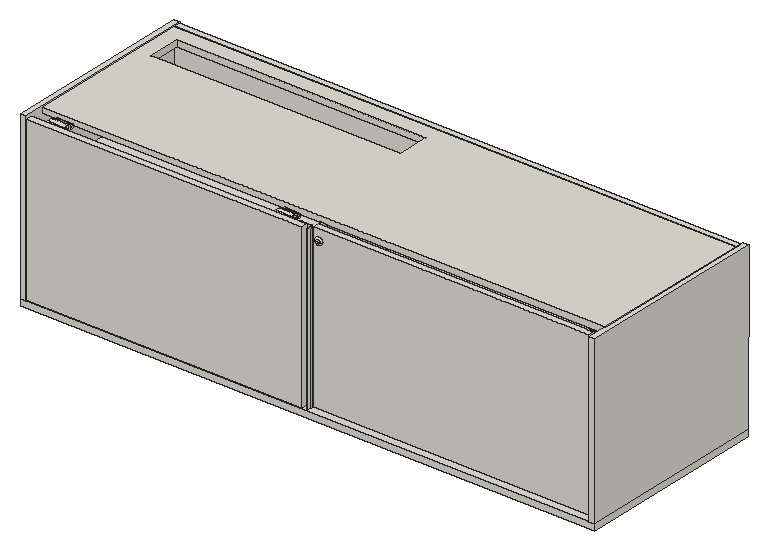
Revit family "Haworth_BeHold_Modular_CredenzaForHAT", category Furniture Systems, Revit 2018
Family settings
  Round Connector Dimension = Use Diameter
  Part Type = Normal
  OmniClass Number = 23.40.70.14.64.21
  OmniClass Title = Systems Furniture
  Work Plane-Based = No
  Always vertical = Yes
  Cut with Voids When Loaded = No
  Shared = No
  Room Calculation Point = No
Parameters (values of type "24d 72w - 36w Door - Inset Back")
  With Lock = yes
  Wing Pull Length = if(Actual Width < 36", 13 1/8", 16 3/4")  # 16 3/4"
  Wing Pull = no
  Width = 72"
  Warranty = "http://www.haworth.com/resources/product-info/warranties"
  Void Dimension = 4"  # constant formula
  Void Back Offset = 3 15/16"  # constant formula
  URL - Product = "http://www.haworth.com/na/en/products/active-storage/be-hold.html"
  URL = "www.haworth.com"
  Trim Finish = Haworth _ Paint _ Smooth Plaster
  Total Drawer Height = Actual Height - Bottom Case Offset - Case Thickness - 1/4"  # 20 1/2"
  Top Thickness = 3/4"  # constant formula
  Top Drawer Height = (Total Drawer Height - Distance Between Drawer) * 1 / 3  # 6.79167"
  Top Case Front Offset = if(Sliding Door, 2 1/2", 3")  # 2 1/2"
  Top Case Back Control = if(Proud Style, 0", 3/16")  # 3/16"
  Sustainability Info = "https://www.haworth.com/company-info/sustainability"
  Storage Width = 36"
  Steel Shelf Width = Actual Width - Storage Width  # 36"
  Standard Depths = if(Sliding Door, "24 in.", "16, 24 in.")  # "24 in."
  Sliding Door = yes
  Size = "Verify Final Dim. w/ Haworth"  # constant formula
  Side Case Front Control = if(or(Sliding Door, Open), 0", Case Thickness)  # 0"
  Side Case Back Control = if(Proud Style, Case Thickness, 0")  # 0"
  Shelf Finish = Haworth _ Paint _ Sky Blue
  Shelf 1 Offset = 13 5/16"  # constant formula
  Shelf Front Offset = if(Sliding Door, 2 1/8", Case Thickness)  # 2 1/8"
  Storage Shelf Control = not(Drawers)  # yes
  Shelf = no
  Separator Offset = 9 3/16"  # constant formula
  Separator Case Front Offset = if(Open, 0", Case Thickness)  # 3/4"
  Revision Number = "1"  # constant formula
  Pull Finish [instance] = Haworth _ Paint _ Smooth Plaster
  Proud Style = not(Inset Style)  # no
  Open = no
  Model = "Haworth Be_Hold"  # constant formula
  Min. Width = 60"  # constant formula
  Min. Storage Width = 30"  # constant formula
  Min. Height = 22"  # constant formula
  Min. Depth = if(Sliding Door, 24", 16")  # 24"
  Mid Separator S/D Control = Sliding Door  # yes
  Mid Separator O/D Control = or(Open, Drawers)  # no
  Max. Storage Width = if(Drawers, 42", 36")  # 36"
  HAT Shelf Control = Actual Depth = 24"  # yes
  Front Door Height = Actual Height - Bottom Drawer Offset - 1/4"  # 20 3/8"
  Drawers = not(or(Open, Sliding Door))  # no
  Door Width = ((Actual Width - (Case Thickness * 2)) / 2) - 3/4"  # 34 1/2"
  Depth = 24"
  Cutout Dimension = if(and(Cutout, Inset Style), 2", 1/2")  # 2"
  Cutout = yes
  Bottom Drawer Offset = Bottom Case Offset + Case Thickness + 1/8"  # 1 3/8"
  Bottom Drawer Height = (Total Drawer Height - Distance Between Drawer) * 2 / 3  # 13.58333"
  Max. Width = if(Drawers, 78", 72")  # 72"
  Max. Depth = 24"  # constant formula
  Max. Height = 22"  # constant formula
  Manufacturer = "Haworth"  # constant formula
  Linear Pull Length = 8"  # constant formula
  Linear Pull = no
  Inset Style = yes
  Glide Finish = Haworth _ Polymer _ Slate
  Front Finish [instance] = Haworth _ Laminate _ Beige H-34
  Front Edge Finish [instance] = Haworth _ Laminate _ Beige H-34
  Drawer Width = Actual Storage Width - 1/8"  # 35 7/8"
  Distance Between Drawer = 1/8"  # constant formula
  Description = "Haworth - Be_Hold - Credenza For HAT"  # constant formula
  Custom Size = not(or(and(Sliding Door, Depth = 24", or(Width = 60", Width = 66", Width = 72"), or(Storage Width = Width / 2)), and(Open, or(Depth = 16", Depth = 24"), or(Width = 60", Width = 66", Width = 72"), or(Storage Width = 30", Storage Width = 36")), and(Drawers, or(Depth = 16", Depth = 24"), or(Width = 60", Width = 66", Width = 72", Width = 78"), or(Storage Width = 30", Storage Width = 36", Storage Width = 42"))))  # no
  Cresent Pull = no
  Classic Pull Length = 6 3/4"  # constant formula
  Classic Pull = no
  Case Thickness = 3/4"  # constant formula
  Case Finish [instance] = Haworth _ Laminate _ Beige H-34
  Case Edge Finish [instance] = Haworth _ Laminate _ Beige H-34
  Bottom Case Offset = 1/2"  # constant formula
  Blade Pull Length = Drawer Width - 1/16"  # 35 13/16"
  Blade Pull = not(or(Cresent Pull, Linear Pull, Classic Pull, Wing Pull))  # yes
  Bag Liner Width = Actual Width - Actual Storage Width  # 36"
  Bag Liner Side Offset = if(Sliding Door, 39/64", 25/64")  # 39/64"
  Bag Liner Finish = Haworth _ Paint _ Sky Blue
  Bag Liner = no
  Back Door Height = Actual Height - Bottom Drawer Offset - 7/16"  # 20 3/16"
  Back Case Side Control = if(Proud Style, 0", Case Thickness)  # 3/4"
  Back Case Back Control = if(Proud Style, 0", 3/16")  # 3/16"
  Author = "Haworth (Alias)"  # constant formula
  Assembly Code = "E2020200"
  Actual Width = if(Width > Max. Width, Max. Width, if(Width < Min. Width, Min. Width, Width))  # 72"
  Actual Storage Width = if(Sliding Door, Actual Width / 2, if(Storage Width > Max. Storage Width, Max. Storage Width, if(Storage Width < Min. Storage Width, Min. Storage Width, Storage Width)))  # 36"
  Actual Steel Shelf = and(Shelf, Actual Depth = 16")  # no
  Actual Height = 22"  # constant formula
  Actual Depth = if(Depth > Max. Depth, Max. Depth, if(Depth < Min. Depth, Min. Depth, Depth))  # 24"
  Standard Widths = if(Drawers, "60-78 @ 6in. increments", "60-72 @ 6 in. increments")  # "60-72 @ 6 in. increments"
  Actual Bag Liner = and(Bag Liner, Actual Depth = 16")  # no
Reference planes (in)
  plane 1: z = 0
  plane 2 "Center L/R": x = -6.17556
  plane 3 "Center F/B": y = -11.5
  plane 4 "Top": z = 22
  plane 5 "Back": y = 0.5
  plane 6 "Front": y = -23.5
  plane 7 "Right": x = 29.82444
  plane 8 "Left": x = -42.17556
  plane 9 "Case Inside Left": x = -41.42556
  plane 10 "Case Inside Right": x = 29.07444
  plane 11 "Case Inside Back": y = -0.25
  plane 12 "Case Bottom": z = 0.5
  plane 13 "Case Inside Front": y = -22.75
  plane 14 "Inside Case Bottom": z = 1.25
  plane 15 "Inside Case Top": z = 21.25
  plane 16 "Top of Top Drawer": z = 21.875
  plane 17 "Bottom of Bottom Drawer": z = 1.375
  plane 18 "Top of Shelf 1": z = 14.5625
  plane 19 "Bottom of Shelf 1": z = 13.8125
  plane 20 "Drawer End": x = -6.17556
  plane 21 "Drawer Inside": x = -5.42556
  plane 22 "Drawer Center": x = 11.82444
  plane 23 "Inside Back Door": y = -21.8125
  plane 24 "Left Sliding Door": x = 28.32444
  plane 25 "Cutout Back": y = 1.5
  plane 26 "Void Back": y = -2.4375
  plane 27 "Void Front": y = -6.4375
  plane 28 "Separator Back": y = -8.6875
  plane 29 "Separator Front": y = -9.4375
  plane 30 "Void Center": x = -23.80056
Forms (in)
  Sweep 1, solid, material "Haworth _ Polymer _ Slate" <- "Glide Finish"
    path origin (-41.42556, 0, 0) x (0, 1, 0) y (0, 0, 1)
      loop
        line (-22.75, 0.5) -> (-22.75, 0)
    profile origin (-41.42556, -22.75, 0.25) x (1, 0, 0) y (0, 1, 0)
      loop
        line (0, 2.00197) -> (0, 0.25)
        arc (0, 0.25) -> (0.07322, 0.07322) -> (0.25, 0) r 0.25
        line (0.25, 0) -> (2.00197, 0)
        arc (2.00197, 0) -> (2.17875, 0.07322) -> (2.25197, 0.25) r 0.25
        line (2.25197, 0.25) -> (2.25197, 0.70079) -> (0.70079, 2.25197) -> (0.25, 2.25197)
        arc (0.25, 2.25197) -> (0.07322, 2.17875) -> (0, 2.00197) r 0.25
  Sweep 2, solid, material "Haworth _ Polymer _ Slate" <- "Glide Finish"
    path origin (-41.42556, -23, 0) x (0, -1, 0) y (0, 0, 1)
      loop
        line (-22.75, 0.5) -> (-22.75, 0)
    profile origin (-41.42556, -0.25, 0.25) x (1, 0, 0) y (0, 1, 0)
      loop
        arc (0, -2.00197) -> (0.07322, -2.17875) -> (0.25, -2.25197) r 0.25
        line (0.25, -2.25197) -> (0.70079, -2.25197) -> (2.25197, -0.70079) -> (2.25197, -0.25)
        arc (2.25197, -0.25) -> (2.17875, -0.07322) -> (2.00197, 0) r 0.25
        line (2.00197, 0) -> (0.25, 0)
        arc (0.25, 0) -> (0.07322, -0.07322) -> (0, -0.25) r 0.25
        line (0, -0.25) -> (0, -2.00197)
  Sweep 3, solid, material "Haworth _ Polymer _ Slate" <- "Glide Finish"
    path origin (29.07444, 0, 0) x (0, -1, 0) y (0, 0, 1)
      loop
        line (22.75, 0.5) -> (22.75, 0)
    profile origin (29.07444, -22.75, 0.25) x (-1, 0, 0) y (0, -1, 0)
      loop
        arc (0, -2.00197) -> (0.07322, -2.17875) -> (0.25, -2.25197) r 0.25
        line (0.25, -2.25197) -> (0.70079, -2.25197) -> (2.25197, -0.70079) -> (2.25197, -0.25)
        arc (2.25197, -0.25) -> (2.17875, -0.07322) -> (2.00197, 0) r 0.25
        line (2.00197, 0) -> (0.25, 0)
        arc (0.25, 0) -> (0.07322, -0.07322) -> (0, -0.25) r 0.25
        line (0, -0.25) -> (0, -2.00197)
  Sweep 4, solid, material "Haworth _ Polymer _ Slate" <- "Glide Finish"
    path origin (29.07444, 0, 0) x (0, -1, 0) y (0, 0, 1)
      loop
        line (0.25, 0.5) -> (0.25, 0)
    profile origin (29.07444, -0.25, 0.25) x (-1, 0, 0) y (0, -1, 0)
      loop
        line (0, 2.00197) -> (0, 0.25)
        arc (0, 0.25) -> (0.07322, 0.07322) -> (0.25, 0) r 0.25
        line (0.25, 0) -> (2.00197, 0)
        arc (2.00197, 0) -> (2.17875, 0.07322) -> (2.25197, 0.25) r 0.25
        line (2.25197, 0.25) -> (2.25197, 0.70079) -> (0.70079, 2.25197) -> (0.25, 2.25197)
        arc (0.25, 2.25197) -> (0.07322, 2.17875) -> (0, 2.00197) r 0.25
  Extrusion 5, solid, material "Haworth _ Laminate _ Beige H-34" <- "Case Finish"
    sketch origin (0, 0, 0) x (1, 0, 0) y (0, 1, 0)
      loop
        line (-42.17556, 0.5) -> (-42.17556, -23.5) -> (29.82444, -23.5) -> (29.82444, 0.5) -> (-42.17556, 0.5)
    from 0.5 to 1.25
  Sweep 6, solid, material "Haworth _ Laminate _ Beige H-34" <- "Case Finish"
    path origin (0, 0, 0.5) x (0, -1, 0) y (1, 0, 0)
      loop
        line (23.5, -42.17556) -> (23.5, -41.42556)
    profile origin (-41.80056, -23.5, 0.5) x (0, 1, 0) y (0, 0, 1)
      loop
        line (0, 21.5) -> (0, 0.75) -> (24, 0.75) -> (24, 21.5) -> (0, 21.5)
  Sweep 7, solid, material "Haworth _ Laminate _ Beige H-34" <- "Case Finish"
    path origin (-12.35111, 0, 0.5) x (0, -1, 0) y (-1, 0, 0)
      loop
        line (23.5, -42.17556) -> (23.5, -41.42556)
    profile origin (29.44944, -23.5, 0.5) x (0, -1, 0) y (0, 0, 1)
      loop
        line (0, 21.5) -> (-24, 21.5) -> (-24, 0.75) -> (0, 0.75) -> (0, 21.5)
  Sweep 8, solid, material "Haworth _ Laminate _ Beige H-34" <- "Case Finish"
    path origin (0, 0, 0.5) x (0, -1, 0) y (1, 0, 0)
      loop
        line (0.4375, -6.17556) -> (-0.3125, -6.17556)
    profile origin (-6.17556, -0.0625, 0.5) x (-1, 0, 0) y (0, 0, 1)
      loop
        line (-35.25, 0.75) -> (35.25, 0.75) -> (35.25, 21.5) -> (-35.25, 21.5) -> (-35.25, 0.75)
  Extrusion 9, solid, material "Haworth _ Laminate _ Beige H-34" <- "Case Finish"
    sketch origin (0, 0, 0.5) x (0, -1, 0) y (1, 0, 0)
      loop
        line (0.4375, -41.42556) -> (21, -41.42556) -> (21, 29.07444) -> (0.4375, 29.07444) -> (0.4375, -41.42556)
    from 20.75 to 21.5
  Extrusion 10, solid, material "Haworth _ Laminate _ Beige H-34" <- "Case Finish", visible <- "HAT Shelf Control"
    sketch origin (0, 0, 0) x (1, 0, 0) y (0, 1, 0)
      loop
        line (-41.42556, -9.4375) -> (-41.42556, -21.375) -> (-6.17556, -21.375) -> (-6.17556, -9.4375) -> (-41.42556, -9.4375)
    from 13.8125 to 14.5625
  Extrusion 11, solid, material "Haworth _ Laminate _ Beige H-34" <- "Case Finish", visible <- "Storage Shelf Control"
    sketch origin (0, 0, 0) x (1, 0, 0) y (0, 1, 0)
      loop
        line (-5.42556, -0.25) -> (-5.42556, -21.375) -> (29.07444, -21.375) -> (29.07444, -0.25) -> (-5.42556, -0.25)
    from 13.8125 to 14.5625
  Sweep 12, solid, material "Haworth _ Laminate _ Beige H-34" <- "Case Finish", visible <- "Mid Separator O/D Control"
    path origin (0, 0, 1.25) x (-1, 0, 0) y (0, -1, 0)
      loop
        line (5.42556, 0.25) -> (6.17556, 0.25)
    profile origin (-5.80056, -0.25, 1.25) x (0, -1, 0) y (0, 0, 1)
      loop
        line (0, 20) -> (0, 0) -> (22.5, 0) -> (22.5, 20.75) -> (20.5, 20.75) -> (20.5, 20) -> (0, 20)
  Sweep 13, solid, material "Haworth _ Laminate _ Beige H-34" <- "Case Finish", visible <- "Mid Separator S/D Control"
    path origin (0, 0, 1.25) x (-1, 0, 0) y (0, -1, 0)
      loop
        line (5.80056, 0.25) -> (6.55056, 0.25)
    profile origin (-6.17556, -0.25, 1.25) x (0, -1, 0) y (0, 0, 1)
      loop
        line (0, 20) -> (0, 0) -> (20.75, 0) -> (20.75, 20) -> (0, 20)
  Extrusion 14, solid, material "Haworth _ Laminate _ Beige H-34" <- "Case Finish"
    sketch origin (0, -11.5, 0) x (1, 0, 0) y (0, 0, 1)
      loop
        line (-41.42556, 20.375) -> (-41.42556, 1.25) -> (-6.17556, 1.25) -> (-6.17556, 20.375) -> (-41.42556, 20.375)
    from -2.8125 to -2.0625
  Extrusion 15, void
    sketch origin (0, 0, 1.25) x (-1, 0, 0) y (0, -1, 0)
      loop
        line (41.42556, 2.4375) -> (41.42556, 6.4375) -> (6.17556, 6.4375) -> (6.17556, 2.4375) -> (41.42556, 2.4375)
    from -0.75 to 0.125
  Extrusion 16, void
    sketch origin (0, 0, 1.25) x (-1, 0, 0) y (0, -1, 0)
      loop
        line (39.42556, 2.4375) -> (39.42556, 6.4375) -> (8.17556, 6.4375) -> (8.17556, 2.4375) -> (39.42556, 2.4375)
    from 20 to 20.75
  Extrusion 17, void
    sketch origin (0, 0.5, 0) x (-1, 0, 0) y (0, 0, 1)
      loop
        line (36.17556, 9) -> (30.17556, 9)
        arc (30.17556, 9) -> (29.822, 8.85355) -> (29.67556, 8.5) r 0.5
        line (29.67556, 8.5) -> (29.67556, 2.75)
        arc (29.67556, 2.75) -> (29.822, 2.39645) -> (30.17556, 2.25) r 0.5
        line (30.17556, 2.25) -> (36.17556, 2.25)
        arc (36.17556, 2.25) -> (36.52911, 2.39645) -> (36.67556, 2.75) r 0.5
        line (36.67556, 2.75) -> (36.67556, 8.5)
        arc (36.67556, 8.5) -> (36.52911, 8.85355) -> (36.17556, 9) r 0.5
    from -1 to 1
Cuts and joins
  Extrusion 15, Extrusion 16 cuts Sweep 6
  Extrusion 15, Extrusion 16 cuts Extrusion 9
  Extrusion 15, Extrusion 16 cuts Sweep 12
  Extrusion 15, Extrusion 16 cuts Sweep 13
  Extrusion 15, Extrusion 16 cuts Extrusion 5
  Extrusion 16 cuts Sweep 2
  Extrusion 17 cuts Sweep 8
Lines and regions (in)
  Masking region 1
    outline origin (0, 0, 21.25) x (0, -1, 0) y (1, 0, 0)
      loop
        line (-0.5, -42.17556) -> (23.5, -42.17556) -> (23.5, 29.82444) -> (-0.5, 29.82444) -> (-0.5, -42.17556)
  symbolic lines, style "Haworth", detail levels medium+fine
    curve 1: line (-42.17556, -21, 21.25) -> (29.82444, -21, 21.25)
    curve 2: line (-39.42556, -2.4375, 1.25) -> (-8.17556, -2.4375, 1.25)
    curve 3: line (-8.17556, -2.4375, 1.25) -> (-8.17556, -6.4375, 1.25)
    curve 4: line (-8.17556, -6.4375, 1.25) -> (-39.42556, -6.4375, 1.25)
    curve 5: line (-39.42556, -6.4375, 1.25) -> (-39.42556, -2.4375, 1.25)
Dimensions and locks (in)
  "Actual Width": plane 8 "Left" to plane 7 "Right"
  equal spacing: plane 5 "Back", plane 3 "Center F/B", plane 6 "Front"
  "Actual Depth": plane 5 "Back" to plane 6 "Front"
  "Case Thickness": plane 9 "Case Inside Left" to plane 8 "Left"
  "Case Thickness": plane 10 "Case Inside Right" to plane 7 "Right"
  "Bottom Case Offset": plane 12 "Case Bottom" to plane 1
  "Case Thickness": plane 11 "Case Inside Back" to plane 5 "Back"
  "Case Thickness": plane 6 "Front" to plane 13 "Case Inside Front"
  locked: Sweep 1 sketch curve to plane 12 "Case Bottom" at 0.5
  locked: Sweep 2 sketch curve to plane 12 "Case Bottom" at 0.5
  locked: Sweep 4 sketch curve to plane 12 "Case Bottom" at 0.5
  locked: Sweep 3 sketch curve to plane 12 "Case Bottom" at 0.5
  "Case Thickness": plane 14 "Inside Case Bottom" to plane 12 "Case Bottom"
  "Top Thickness": plane 4 "Top" to plane 15 "Inside Case Top"
  "Side Case Back Control": Sweep 6 sketch curve to plane 5 "Back"
  "Side Case Back Control": Sweep 7 sketch curve to plane 5 "Back"
  "Back Case Side Control": Sweep 8 sketch curve to plane 7 "Right"
  "Back Case Side Control": Sweep 8 sketch curve to plane 8 "Left"
  "Actual Height": plane 4 "Top" to plane 1
  locked: plane 4 "Top" to plane 16 "Top of Top Drawer" at 0.125
  locked: plane 17 "Bottom of Bottom Drawer" to plane 14 "Inside Case Bottom" at 0.125
  "Top Case Front Offset": Extrusion 9 sketch curve to plane 6 "Front"
  "Case Thickness": plane 18 "Top of Shelf 1" to plane 19 "Bottom of Shelf 1"
  "Shelf 1 Offset": plane 18 "Top of Shelf 1" to plane 14 "Inside Case Bottom"
  equal spacing: plane 8 "Left", plane 2 "Center L/R", plane 7 "Right"
  "Case Thickness": plane 21 "Drawer Inside" to plane 20 "Drawer End"
  "Actual Storage Width": plane 20 "Drawer End" to plane 7 "Right"
  equal spacing: plane 20 "Drawer End", plane 22 "Drawer Center", plane 7 "Right"
  "Shelf Front Offset": Extrusion 10 sketch curve to plane 6 "Front"
  "Shelf Front Offset": Extrusion 11 sketch curve to plane 6 "Front"
  "Side Case Front Control": plane 6 "Front" to Sweep 7 sketch curve
  locked: plane 6 "Front" to plane 23 "Inside Back Door" at 1.6875
  "Top Case Front Offset": plane 6 "Front" to curve 1
  "Case Thickness": Sweep 8 sketch curve to Sweep 8 sketch curve
  "Back Case Back Control": plane 5 "Back" to Sweep 8 sketch curve
  "Top Case Back Control": Extrusion 9 sketch curve to plane 11 "Case Inside Back"
  locked: plane 24 "Left Sliding Door" to plane 10 "Case Inside Right" at 0.75
  locked: plane 5 "Back" to plane 25 "Cutout Back" at 1
  "Void Back Offset": plane 26 "Void Back" to plane 25 "Cutout Back"
  "Void Dimension": plane 27 "Void Front" to plane 26 "Void Back"
  "Case Thickness": plane 29 "Separator Front" to plane 28 "Separator Back"
  "Separator Offset": plane 28 "Separator Back" to plane 5 "Back"
  locked: plane 4 "Top" to Extrusion 14 sketch curve at 1.625
  locked: plane 9 "Case Inside Left" to Extrusion 16 sketch curve at 2
  locked: Extrusion 17 sketch curve to plane 14 "Inside Case Bottom" at 1
  locked: Extrusion 17 sketch curve to Extrusion 17 sketch curve at 6.75
  locked: Extrusion 17 sketch curve to Extrusion 17 sketch curve at 7
  locked: Extrusion 17 sketch curve to plane 8 "Left" at 5.5
  "Cutout Dimension": Extrusion 17 to plane 25 "Cutout Back"
  locked: Extrusion 16 sketch curve to plane 20 "Drawer End" at 2
  equal spacing: Sweep 13 sketch curve, plane 20 "Drawer End", Sweep 13 sketch curve
  "Case Thickness": Sweep 13 sketch curve to Sweep 13 sketch curve
  locked: plane 9 "Case Inside Left" to curve 5 at 2
  locked: curve 3 to plane 20 "Drawer End" at 2
  locked: plane 6 "Front" to Sweep 13 sketch curve at 2.5
  locked: plane 13 "Case Inside Front" to Sweep 12 sketch curve at 2
  "Separator Case Front Offset": plane 6 "Front" to Sweep 12 sketch curve
  equal spacing: plane 9 "Case Inside Left", plane 30 "Void Center", plane 20 "Drawer End"
  aligned and locked: Sweep 1 sketch curve to plane 13 "Case Inside Front"
  aligned and locked: plane 12 "Case Bottom" to Sweep 1 sketch curve
  aligned and locked: plane 11 "Case Inside Back" to Sweep 2 sketch curve
  aligned and locked: plane 12 "Case Bottom" to Sweep 2 sketch curve
  aligned and locked: plane 11 "Case Inside Back" to Sweep 4 sketch curve
  aligned and locked: plane 12 "Case Bottom" to Sweep 4 sketch curve
  aligned and locked: Sweep 3 sketch curve to plane 13 "Case Inside Front"
  aligned and locked: plane 12 "Case Bottom" to Sweep 3 sketch curve
  aligned and locked: Extrusion 5 sketch curve to plane 7 "Right"
  aligned and locked: Extrusion 5 sketch curve to plane 5 "Back"
  aligned and locked: plane 8 "Left" to Extrusion 5 sketch curve
  aligned and locked: plane 6 "Front" to Extrusion 5 sketch curve
  aligned and locked: plane 12 "Case Bottom" to Extrusion 5
  aligned and locked: plane 14 "Inside Case Bottom" to Extrusion 5
  aligned and locked: plane 8 "Left" to Sweep 6 sketch curve
  aligned and locked: plane 9 "Case Inside Left" to Sweep 6 sketch curve
  aligned and locked: Sweep 6 sketch curve to plane 6 "Front"  (x2)
  aligned and locked: Sweep 6 sketch curve to plane 4 "Top"
  aligned and locked: plane 14 "Inside Case Bottom" to Sweep 6 sketch curve
  aligned and locked: plane 6 "Front" to Sweep 7 sketch curve
  aligned and locked: plane 7 "Right" to Sweep 7 sketch curve
  aligned and locked: plane 10 "Case Inside Right" to Sweep 7 sketch curve
  aligned and locked: plane 14 "Inside Case Bottom" to Sweep 7 sketch curve
  aligned and locked: Sweep 7 sketch curve to plane 4 "Top"
  aligned and locked: plane 2 "Center L/R" to Sweep 8 sketch curve
  aligned and locked: plane 4 "Top" to Sweep 8 sketch curve
  aligned and locked: Sweep 8 sketch curve to plane 14 "Inside Case Bottom"
  aligned and locked: plane 10 "Case Inside Right" to Extrusion 9 sketch curve
  aligned and locked: plane 9 "Case Inside Left" to Extrusion 9 sketch curve
  aligned and locked: plane 4 "Top" to Extrusion 9
  aligned and locked: plane 15 "Inside Case Top" to Extrusion 9
  aligned and locked: Masking region 1 sketch curve to plane 7 "Right"
  aligned and locked: Masking region 1 sketch curve to plane 5 "Back"
  aligned and locked: plane 8 "Left" to Masking region 1 sketch curve
  aligned and locked: plane 6 "Front" to Masking region 1 sketch curve
  aligned and locked: nested 2 to plane 16 "Top of Top Drawer"
  aligned and locked: plane 6 "Front" to nested 1
  aligned and locked: plane 6 "Front" to nested 2
  aligned and locked: plane 9 "Case Inside Left" to Extrusion 10 sketch curve
  aligned and locked: plane 18 "Top of Shelf 1" to Extrusion 10
  aligned and locked: Extrusion 10 to plane 19 "Bottom of Shelf 1"
  aligned and locked: Extrusion 10 sketch curve to plane 20 "Drawer End"
  aligned and locked: plane 11 "Case Inside Back" to Extrusion 11 sketch curve
  aligned and locked: plane 10 "Case Inside Right" to Extrusion 11 sketch curve
  aligned and locked: plane 21 "Drawer Inside" to Extrusion 11 sketch curve
  aligned and locked: Sweep 12 sketch curve to plane 11 "Case Inside Back"
  aligned and locked: plane 21 "Drawer Inside" to Sweep 12 sketch curve
  aligned and locked: plane 20 "Drawer End" to Sweep 12 sketch curve
  aligned and locked: Sweep 12 sketch curve to plane 15 "Inside Case Top"
  aligned and locked: Sweep 12 sketch curve to plane 4 "Top"
  aligned and locked: plane 11 "Case Inside Back" to Sweep 12 sketch curve
  aligned and locked: plane 14 "Inside Case Bottom" to Sweep 12 sketch curve
  aligned and locked: Sweep 13 sketch curve to plane 11 "Case Inside Back"
  aligned and locked: plane 11 "Case Inside Back" to Sweep 13 sketch curve
  aligned and locked: Sweep 13 sketch curve to plane 15 "Inside Case Top"
  aligned and locked: plane 14 "Inside Case Bottom" to Sweep 13 sketch curve
  aligned and locked: Extrusion 11 to plane 19 "Bottom of Shelf 1"
  aligned and locked: plane 18 "Top of Shelf 1" to Extrusion 11
  aligned and locked: plane 22 "Drawer Center" to nested 2
  aligned and locked: plane 22 "Drawer Center" to nested 1
  aligned and locked: plane 9 "Case Inside Left" to nested 4
  aligned and locked: plane 6 "Front" to nested 4
  aligned and locked: plane 23 "Inside Back Door" to nested 3
  aligned and locked: nested 3 to plane 24 "Left Sliding Door"
  aligned and locked: plane 29 "Separator Front" to Extrusion 10 sketch curve
  aligned and locked: plane 14 "Inside Case Bottom" to Extrusion 14 sketch curve
  aligned and locked: plane 9 "Case Inside Left" to Extrusion 14 sketch curve
  aligned and locked: Extrusion 14 sketch curve to plane 20 "Drawer End"
  aligned and locked: Extrusion 14 to plane 28 "Separator Back"
  aligned and locked: plane 29 "Separator Front" to Extrusion 14
  aligned and locked: plane 9 "Case Inside Left" to Extrusion 15 sketch curve
  aligned and locked: plane 26 "Void Back" to Extrusion 15 sketch curve
  aligned and locked: Extrusion 15 sketch curve to plane 27 "Void Front"
  aligned and locked: plane 12 "Case Bottom" to Extrusion 15
  aligned and locked: plane 17 "Bottom of Bottom Drawer" to Extrusion 15
  aligned and locked: plane 26 "Void Back" to Extrusion 16 sketch curve
  aligned and locked: Extrusion 16 sketch curve to plane 27 "Void Front"
  aligned and locked: plane 4 "Top" to Extrusion 16
  aligned and locked: plane 15 "Inside Case Top" to Extrusion 16
  aligned and locked: plane 25 "Cutout Back" to Extrusion 17
  aligned and locked: Extrusion 15 sketch curve to plane 20 "Drawer End"
  aligned and locked: plane 26 "Void Back" to curve 2
  aligned and locked: curve 4 to plane 27 "Void Front"
  aligned and locked: plane 18 "Top of Shelf 1" to nested 5
  aligned and locked: nested 5 to plane 29 "Separator Front"
  aligned and locked: plane 14 "Inside Case Bottom" to nested 6
  aligned and locked: nested 6 to plane 9 "Case Inside Left"
  aligned and locked: nested 6 to plane 29 "Separator Front"
  aligned and locked: plane 9 "Case Inside Left" to nested 5
Automatic sketch dimensions
  Sweep 1 sketch curve to plane 9 "Case Inside Left" = 0"
  profile plane to Sweep 1 sketch curve = 0"
  plane 9 "Case Inside Left" to Sweep 1 sketch curve = 1/4"
  Sweep 1 sketch curve to Sweep 1 sketch curve = 1/4"
  Sweep 1 sketch curve to Sweep 1 sketch curve = 0.45079"  (x2)
  Sweep 1 sketch curve to profile plane = 1/4"
  Sweep 1 sketch curve to Sweep 1 sketch curve = 1.75197"  (x2)
  Sweep 2 sketch curve to plane 9 "Case Inside Left" = 0"
  profile plane to Sweep 2 sketch curve = 0"
  Sweep 2 sketch curve to Sweep 2 sketch curve = 1/4"  (x2)
  Sweep 2 sketch curve to Sweep 2 sketch curve = 0.45079"  (x2)
  profile plane to Sweep 2 sketch curve = 1/4"
  Sweep 2 sketch curve to Sweep 2 sketch curve = 1.75197"  (x2)
  Sweep 3 sketch curve to plane 10 "Case Inside Right" = 0"
  Sweep 3 sketch curve to profile plane = 0"
  Sweep 3 sketch curve to Sweep 3 sketch curve = 1/4"  (x2)
  Sweep 3 sketch curve to Sweep 3 sketch curve = 0.45079"  (x2)
  profile plane to Sweep 3 sketch curve = 1/4"
  Sweep 3 sketch curve to Sweep 3 sketch curve = 1.75197"  (x2)
  Sweep 4 sketch curve to plane 10 "Case Inside Right" = 0"
  Sweep 4 sketch curve to profile plane = 0"
  plane 10 "Case Inside Right" to Sweep 4 sketch curve = 1/4"  (x2)
  Sweep 4 sketch curve to Sweep 4 sketch curve = 0.45079"  (x2)
  Sweep 4 sketch curve to profile plane = 1/4"
  Sweep 4 sketch curve to Sweep 4 sketch curve = 1.75197"  (x2)
  curve 1 to plane 8 "Left" = 0"
  curve 1 to plane 7 "Right" = 0"
  Extrusion 17 sketch curve to Extrusion 17 sketch curve = 1/2"  (x4)
Nested families (in)
  nested 1: "Haworth_BeHold_Drawer_PART" at (11.82444, -22.36287, 1.375), Drawer Height <- "Bottom Drawer Height", built-in parameter 1001364 <- "Bottom Drawer Offset", visible <- "Drawers", type "Haworth_Drawer"
    with With Lock no, Pull Height 13.58333", Drawer Height 13.58333", Wing Pull Length 16 3/4", Wing Pull no, Drawer Width 35 7/8", Blade Pull Length 35 13/16", Blade Pull yes
  nested 2: "Haworth_BeHold_Drawer_PART" at (11.82444, -22.36287, 15.08333), Drawer Height <- "Top Drawer Height", visible <- "Drawers", With Lock <- "With Lock", type "Haworth_Drawer"
    with With Lock yes, Pull Height 6.79167", Drawer Height 6.79167", Wing Pull Length 16 3/4", Wing Pull no, Drawer Width 35 7/8", Blade Pull Length 35 13/16", Blade Pull yes
  nested 3: "Haworth_BeHold_Door_Sliding_PART" at (9.89424, -22.15726, 1.375), visible <- "Sliding Door", built-in parameter 1001364 <- "Bottom Drawer Offset", type "Back Door"
    with Hook no, Door Width 34 1/2", Door Height 20 3/16"
  nested 4: "Haworth_BeHold_Door_Sliding_PART" at (-25.35576, -23.09476, 1.375), visible <- "Sliding Door", built-in parameter 1001364 <- "Bottom Drawer Offset", type "Front Door"
    with With Lock no, Door Width 34 1/2", Door Height 20 3/8"
  nested 5: "Haworth_BeHold_Accessory_HAT-Shelf_BUILD Luqman" at (-17.85938, 11.0625, 14.5625), visible <- "Actual Steel Shelf", type "Shelf"
    with Width 36", Shelf Offset 39/64", Actual Width 36"
  nested 6: "Haworth_BeHold_Accessory_BagLiner_BUILD Luqman" at (-17.85938, -35.9375, 1.25), visible <- "Actual Bag Liner", type "Bag Liner"
    with Side Offset 39/64"
Definition of nested family "Haworth_BeHold_Drawer_PART"
  Parameters (values of type "Haworth_Drawer")
    With Lock [instance] = yes
    Wing Pull Length = 6 1/2"
    Wing Pull = yes
    Warranty = "http://www.haworth.com/resources/product-info/warranties"
    URL - Product = ""
    URL = "www.haworth.com"
    Trim Finish = none
    Revision Number = "1"  # constant formula
    Pull Height [instance] = if(or(Wing Pull, Blade Pull), Drawer Height, Drawer Height - 1 21/32")  # 12"
    Pull Finish = none
    Note = "Verify Final Dim. w/ Haworth"  # constant formula
    Model = "Haworth Be_Hold"  # constant formula
    Manufacturer = "Haworth"  # constant formula
    Lock Offset Top = 1 21/32"  # constant formula
    Lock Offset Side = 1 3/8"  # constant formula
    Linear Pull = no
    Front Finish = none
    Front Edge Finish = none
    Drawer Width = 15 1/2"
    Drawer Height [instance] = 12"
    Description = "Haworth - Be_Hold - Drawer"
    Cresent Pull = no
    Classic Pull Length = 6 3/4"
    Classic Pull = no
    Blade Pull Length = 15 7/16"
    Blade Pull = no
    Linear Pull Length = 8"
    Author = "Haworth (Alias)"  # constant formula
    Assembly Code = ""
  Reference planes (in)
    plane 1 "Drawer Back": y = -0.26213
    plane 2: z = 0
    plane 3 "Center L/R": x = 0
    plane 4 "Drawer Front": y = -1.13713
    plane 5 "Left": x = -7.75
    plane 6 "Right": x = 7.75
    plane 7 "Top": z = 12
    plane 8 "Hardware Start": y = -0.38713
    plane 9 "Lock Side": x = 6.375
    plane 10 "Lock Horizontal": z = 10.34375
  Forms (in)
    Extrusion 1, solid, material <- "Front Finish"
      sketch origin (0, -1.13713, 0) x (-1, 0, 0) y (0, 0, 1)
        loop
          line (-7.75, 12) -> (-7.75, 0) -> (7.75, 0) -> (7.75, 12) -> (-7.75, 12)
      from 0 to 0.75
    Revolve 2, solid, material <- "Trim Finish", visible <- "With Lock"
      sketch origin (0, 0, 10.34375) x (-1, 0, 0) y (0, -1, 0)
        loop
          line (-6.375, 1.13713) -> (-6.375, 1.2621) -> (-6.68756, 1.2621)
          arc (-6.68756, 1.2621) -> (-6.77593, 1.2255) -> (-6.81253, 1.13713) r 0.12497
          line (-6.81253, 1.13713) -> (-6.375, 1.13713)
        axis (-6.375, 1.13713) -> (-6.375, 1.2621)
      angle from 0 to 360
  Lines and regions (in)
    Masking region 1
      outline origin (0, 0, 10.34375) x (-1, 0, 0) y (0, -1, 0)
        loop
          line (7.75, 0.38713) -> (7.75, 1.13713) -> (-7.75, 1.13713) -> (-7.75, 0.38713) -> (7.75, 0.38713)
  Dimensions and locks (in)
    equal spacing: plane 5 "Left", plane 3 "Center L/R", plane 6 "Right"
    "Drawer Width": plane 5 "Left" to plane 6 "Right"
    "Drawer Height": plane 7 "Top" to level
    locked: plane 1 "Drawer Back" to plane 8 "Hardware Start" at 0.125
    plane 4 "Drawer Front" to plane 1 "Drawer Back" = 7/8"
    plane 4 "Drawer Front" to plane 8 "Hardware Start" = 3/4"
    "Lock Offset Side": plane 9 "Lock Side" to plane 6 "Right"
    "Lock Offset Top": plane 7 "Top" to plane 10 "Lock Horizontal"
    locked: Revolve 2 sketch curve to plane 4 "Drawer Front" at 0.12497
    locked: plane 9 "Lock Side" to Revolve 2 sketch curve at 0.43753
    aligned and locked: Extrusion 1 sketch curve to plane 6 "Right"
    aligned and locked: plane 7 "Top" to Extrusion 1 sketch curve
    aligned and locked: Extrusion 1 sketch curve to plane 5 "Left"
    aligned and locked: Extrusion 1 sketch curve to plane 2
    aligned and locked: Extrusion 1 to plane 8 "Hardware Start"
    aligned and locked: Extrusion 1 to plane 4 "Drawer Front"
    aligned and locked: plane 9 "Lock Side" to Revolve 2 sketch curve  (x2)
    aligned and locked: Revolve 2 sketch curve to plane 4 "Drawer Front"
    aligned and locked: plane 3 "Center L/R" to nested 1
    aligned and locked: nested 1 to plane 4 "Drawer Front"
    aligned and locked: plane 6 "Right" to Masking region 1 sketch curve
    aligned and locked: plane 8 "Hardware Start" to Masking region 1 sketch curve
    aligned and locked: plane 4 "Drawer Front" to Masking region 1 sketch curve
    aligned and locked: plane 5 "Left" to Masking region 1 sketch curve
  Automatic sketch dimensions
    plane 8 "Hardware Start" to Revolve 2 sketch curve = 0.19925"
    Revolve 2 sketch curve to Revolve 2 sketch curve = 0.41501"
  Nested families (in)
    nested 1: "Haworth_Drawer-Pulls_PART" at (0, -1.13713, 12), built-in parameter 1001364 <- "Pull Height", type "Pull"
      with Wing yes, Linear no
  Definition of nested family "Haworth_Drawer-Pulls_PART"
    Parameters (values of type "Pull")
      Wing Pull Length = 6 1/2"
      Wing = no
      Warranty = "https://www.haworth.com/resources/product-info/warranties"
      URL = "https://www.haworth.com"
      Trim Finish = none
      Revision Number = "1"  # constant formula
      Model = "Haworth Be_Hold"  # constant formula
      Manufacturer = "Haworth"  # constant formula
      Linear Pull Length = 8"
      Linear = yes
      Description = "Haworth - Be_Hold - Pull Part"
      Cresent = no
      Classic Pull Length = 6 3/4"
      Classic = no
      Blade Pull Length = 15 7/16"
      Blade = no
      Author = "Haworth (Alias)"  # constant formula
      Assembly Code = ""
    Reference planes (in)
      plane 1 "Center Front/Back": y = 0
      plane 2: z = 0
      plane 3 "Center Left/Right": x = 0
      plane 4 "Classic Left": x = -3.375
      plane 5 "Classic Right": x = 3.375
      plane 6 "Linear Left": x = -4
      plane 7 "Linear Right": x = 4
      plane 8 "Wing Right": x = 3.25001
      plane 9 "Wing Left": x = -3.25001
      plane 10 "Blade Left": x = -7.71875
      plane 11 "Blade Right": x = 7.71875
    Forms (in)
      Extrusion 1, solid, material <- "Trim Finish", visible <- "Linear"
        sketch origin (0, 0, 0.125) x (1, 0, 0) y (0, 1, 0)
          loop
            line (-4, 0) -> (-4, -1.25) -> (4, -1.25) -> (4, 0) -> (3, 0) -> (3, -1) -> (-3, -1) -> (-3, 0) -> (-4, 0)
        from 0 to -0.25
      Extrusion 2, solid, material <- "Trim Finish", visible <- "Classic"
        sketch origin (0, 0, 0.375) x (1, 0, 0) y (0, 0, 1)
          loop
            line (-3.375, 0) -> (-3.375, -0.75)
            arc (-3.375, -0.75) -> (-3, -0.375) -> (-3.375, 0) r 0.375
        from 0 to 1
      Extrusion 3, solid, material <- "Trim Finish", visible <- "Classic"
        sketch origin (0, 0, 0.375) x (-1, 0, 0) y (0, 0, -1)
          loop
            arc (-3.375, 0.00132) -> (-3.00132, 0.375) -> (-3.375, 0.74868) r 0.37368
            line (-3.375, 0.74868) -> (-3.375, 0.00132)
        from 0 to 1
      Extrusion 4, solid, material <- "Trim Finish", visible <- "Classic"
        sketch origin (0, 0, 0.375) x (1, 0, 0) y (0, 0, 1)
          loop
            line (-3.375, 0) -> (-3.375, -0.75) -> (3.375, -0.75) -> (3.375, 0) -> (-3.375, 0)
        from 1 to 1.25
      Sweep 5, solid, material <- "Trim Finish", visible <- "Cresent"
        path origin (0, 0, 0) x (1, 0, 0) y (0, 1, 0)
          loop
            arc (-3.75002, 0) -> (-0.00002, -1.25) -> (3.74998, 0) r 6.25
        profile origin (-0.00002, -1.25, 0) x (0, 1, 0) y (0, 0, 1)
          loop
            circle (0.125, 0) r 0.125
      Sweep 6, solid, material <- "Trim Finish", visible <- "Wing"
        path origin (0, 0, 0) x (1, 0, 0) y (0, 1, 0)
          loop
            line (3.25001, 0) -> (-3.25001, 0)
        profile origin (0, 0, 0) x (0, -1, 0) y (0, 0, 1)
          loop
            line (0, -0.055) -> (0.7144, -0.45418)
            arc (0.7144, -0.45418) -> (0.85453, -0.40762) -> (0.79557, -0.27225) r 0.10001
            line (0.79557, -0.27225) -> (0, 0) -> (0, -0.055)
      Extrusion 7, void
        sketch origin (0, 0, 0) x (1, 0, 0) y (0, 1, 0)
          loop
            line (-3.25001, 0) -> (-3.25001, -0.92709) -> (-2.91255, -0.92709) -> (-3.25001, 0)
          loop
            line (3.25001, 0) -> (2.91255, -0.92709) -> (3.25001, -0.92709) -> (3.25001, 0)
        from -1 to 0.5
      Sweep 8, solid, material <- "Trim Finish", visible <- "Blade"
        path origin (0, 0, 0) x (1, 0, 0) y (0, 0, 1)
          loop
            line (0, 0) -> (0, 0.09375)
        profile origin (0, 0, 0.04687) x (-1, 0, 0) y (0, -1, 0)
          loop
            line (7.71875, -0.75) -> (7.71875, 0.40579)
            arc (7.71875, 0.40579) -> (7.682, 0.4945) -> (7.59329, 0.53125) r 0.12546
            line (7.59329, 0.53125) -> (-7.59361, 0.53125)
            arc (-7.59361, 0.53125) -> (-7.6821, 0.4946) -> (-7.71875, 0.40611) r 0.12514
            line (-7.71875, 0.40611) -> (-7.71875, -0.75) -> (7.71875, -0.75)
    Cuts and joins
      Extrusion 7 cuts Extrusion 4
      joined: Extrusion 2, Extrusion 3, Extrusion 4
      Extrusion 7 cuts Sweep 6
    Lines and regions (in)
      symbolic lines, detail levels fine
        curve 1: line (-4, 0, 0) -> (4, 0, 0)
    Dimensions and locks (in)
      equal spacing: plane 4 "Classic Left", plane 3 "Center Left/Right", plane 5 "Classic Right"
      "Classic Pull Length": plane 4 "Classic Left" to plane 5 "Classic Right"
      locked: Extrusion 1 sketch curve to Extrusion 1 sketch curve at 1  (x2)
      equal spacing: plane 6 "Linear Left", plane 3 "Center Left/Right", plane 7 "Linear Right"
      "Linear Pull Length": plane 6 "Linear Left" to plane 7 "Linear Right"
      locked: profile plane to Sweep 5 sketch curve at 0.125
      locked: plane 9 "Wing Left" to Extrusion 7 sketch curve at 0.33745
      locked: Extrusion 7 sketch curve to plane 1 "Center Front/Back" at 0.92709
      locked: plane 1 "Center Front/Back" to Extrusion 7 sketch curve at 0.92709
      Extrusion 7 sketch curve to plane 8 "Wing Right" = 0.33745"
      equal spacing: plane 11 "Blade Right", plane 3 "Center Left/Right", plane 10 "Blade Left"
      "Blade Pull Length": plane 11 "Blade Right" to plane 10 "Blade Left"
      locked: Sweep 8 sketch curve to plane 2 at 0.09375
      locked: Sweep 8 sketch curve to plane 1 "Center Front/Back" at 0.75
      locked: Sweep 8 sketch curve to plane 1 "Center Front/Back" at 0.53125
      equal spacing: plane 8 "Wing Right", plane 3 "Center Left/Right", plane 9 "Wing Left"
      "Wing Pull Length": plane 8 "Wing Right" to plane 9 "Wing Left"
      aligned and locked: plane 4 "Classic Left" to Extrusion 4 sketch curve
      aligned and locked: plane 5 "Classic Right" to Extrusion 4 sketch curve
      aligned and locked: plane 5 "Classic Right" to Extrusion 3 sketch curve
      aligned and locked: Extrusion 2 sketch curve to plane 4 "Classic Left"
      aligned and locked: Extrusion 1 sketch curve to plane 7 "Linear Right"
      aligned and locked: Extrusion 1 sketch curve to plane 6 "Linear Left"
      aligned and locked: plane 2 to Sweep 5 sketch curve
      aligned and locked: profile plane to plane 2
      aligned and locked: Sweep 6 sketch curve to plane 1 "Center Front/Back"
      aligned and locked: plane 8 "Wing Right" to Sweep 6 sketch curve
      aligned and locked: plane 9 "Wing Left" to Sweep 6 sketch curve
      aligned and locked: Extrusion 7 sketch curve to plane 9 "Wing Left"
      aligned and locked: Extrusion 7 sketch curve to plane 8 "Wing Right"
      aligned and locked: plane 2 to Sweep 8 sketch curve
      aligned and locked: Sweep 8 sketch curve to plane 10 "Blade Left"
      aligned and locked: Sweep 8 sketch curve to plane 11 "Blade Right"
      aligned and locked: plane 1 "Center Front/Back" to curve 1
      aligned and locked: plane 7 "Linear Right" to curve 1
      aligned and locked: plane 6 "Linear Left" to curve 1
    Automatic sketch dimensions
      Extrusion 2 sketch curve to level = 0"
      Extrusion 2 sketch curve to level = 3/8"
      Extrusion 3 sketch curve to level = 0"
      level to Extrusion 3 sketch curve = 0.37368"
      Extrusion 4 sketch curve to level = 3/8"
      level to Extrusion 4 sketch curve = 3/8"
      plane 1 "Center Front/Back" to Extrusion 1 sketch curve = 0"  (x2)
      plane 1 "Center Front/Back" to Extrusion 1 sketch curve = 1"
      Extrusion 1 sketch curve to Extrusion 1 sketch curve = 1/4"
      plane 1 "Center Front/Back" to Sweep 5 sketch curve = 0"  (x2)
      Sweep 5 sketch curve to plane 3 "Center Left/Right" = 0.00002"
      Sweep 5 sketch curve to plane 1 "Center Front/Back" = 5"
      Sweep 5 sketch curve to plane 6 "Linear Left" = 0.24998"
      Sweep 6 sketch curve to profile plane = 0"
      Sweep 6 sketch curve to profile plane = 0.7144"
      Sweep 6 sketch curve to Sweep 6 sketch curve = 0.04879"
      Sweep 6 sketch curve to Sweep 6 sketch curve = 0.03238"
      Sweep 6 sketch curve to level = 0.45418"
      Sweep 6 sketch curve to Sweep 6 sketch curve = 0.08731"
      Sweep 6 sketch curve to Sweep 6 sketch curve = 0.27225"
      Sweep 6 sketch curve to Sweep 6 sketch curve = 0.055"
      plane 1 "Center Front/Back" to Extrusion 7 sketch curve = 0"  (x2)
      Sweep 8 sketch curve to plane 3 "Center Left/Right" = 0"
      Sweep 8 sketch curve to Sweep 8 sketch curve = 0.12514"
      Sweep 8 sketch curve to Sweep 8 sketch curve = 0.12546"
      radius of Sweep 5 sketch curve = 1/8"
Definition of nested family "Haworth_BeHold_Door_Sliding_PART"
  Parameters (values of type "Door")
    With Lock = yes
    Warranty = "https://www.haworth.com/resources/product-info/warranties"
    URL - Product = ""
    URL = "www.haworth.com"
    Trim Finish = none
    Revision Number = "1"  # constant formula
    Note = "Verify Final Dim. w/ Haworth"  # constant formula
    Model = "Haworth Be_Hold"  # constant formula
    Lock Side Offset = 0.65"  # constant formula
    Lock Top Offset = 1.385"  # constant formula
    Lock Finish = none
    Hook = yes
    Front Finish = none
    Front Edge Finish = none
    Description = "Haworth - Be_Hold - Door Part"
    Assembly Code = ""
    Door Width = 36"
    Door Height = 19.76"
    Door Depth = 3/4"
    Manufacturer = "Haworth"  # constant formula
    Author = "Haworth (Alias)"  # constant formula
  Reference planes (in)
    plane 1 "Center F/B": y = -0.03024
    plane 2: z = 0
    plane 3 "Center L/R": x = 1.1802
    plane 4 "Left": x = -16.8198
    plane 5 "Right": x = 19.1802
    plane 6 "Back": y = 0.34476
    plane 7 "Front": y = -0.40524
    plane 8 "Top": z = 19.76
    plane 9 "Pull Offset": x = -15.3198
    plane 10 "Pull Height": z = 9.88
    plane 11 "Lock Vertical": x = -16.1698
    plane 12 "Lock Horizontal": z = 18.375
    plane 13 "Slide Hook": x = 19.93009
  Forms (in)
    Extrusion 1, solid, material <- "Front Finish"
      sketch origin (0, -0.03024, 0) x (1, 0, 0) y (0, 0, 1)
        loop
          line (-16.8198, 19.76) -> (-16.8198, 0) -> (19.1802, 0) -> (19.1802, 19.76) -> (-16.8198, 19.76)
      from -0.375 to 0.375
    Revolve 2, solid, material <- "Lock Finish", visible <- "With Lock"
      sketch origin (0, 0, 18.375) x (0, -1, 0) y (1, 0, 0)
        loop
          line (0.40524, -16.1698) -> (0.53025, -16.1698) -> (0.53025, -15.85733)
          arc (0.53025, -15.85733) -> (0.49364, -15.76891) -> (0.40524, -15.73227) r 0.12506
          line (0.40524, -15.73227) -> (0.40524, -16.1698)
        axis (0.40524, -16.1698) -> (0.53025, -16.1698)
      angle from 0 to 360
    Sweep 3, solid, material <- "Trim Finish"
      path origin (0, 0.34476, 0) x (-1, 0, 0) y (0, 0, 1)
        loop
          line (-19.1802, 19.76) -> (-19.1802, 0)
      profile origin (19.1802, 0.34476, 9.88) x (0, 1, 0) y (-1, 0, 0)
        loop
          line (0.08958, 0.75011) -> (0, 0.75011) -> (0, -0.46489)
          arc (0, -0.46489) -> (-0.05711, -0.60278) -> (-0.195, -0.65989) r 0.195
          line (-0.195, -0.65989) -> (-0.75041, -0.65989) -> (-0.75041, -0.74989) -> (-0.18578, -0.74989)
          arc (-0.18578, -0.74989) -> (0.00893, -0.66923) -> (0.08958, -0.47452) r 0.27537
          line (0.08958, -0.47452) -> (0.08958, 0.75011)
    Sweep 4, solid, material <- "Trim Finish", visible <- "Hook"
      path origin (0, 0, 19.76) x (-1, 0, 0) y (0, -1, 0)
        loop
          line (-17.18012, -0.34476) -> (-15.18012, -0.34476)
      profile origin (16.18012, 0.34476, 19.76) x (0, -1, 0) y (0, 0, 1)
        loop
          line (-0.86799, -0.0747) -> (-0.14971, -0.0747)
          arc (-0.14971, -0.0747) -> (-0.09667, -0.09667) -> (-0.07471, -0.1497) r 0.075
          line (-0.07471, -0.1497) -> (-0.07471, -1) -> (0, -1) -> (0, -0.15)
          arc (0, -0.15) -> (-0.04393, -0.04393) -> (-0.15, 0) r 0.15
          line (-0.15, 0) -> (-0.86779, 0)
          arc (-0.86779, 0) -> (-0.97386, -0.04393) -> (-1.01779, -0.15) r 0.15
          line (-1.01779, -0.15) -> (-1.01779, -0.55)
          arc (-1.01779, -0.55) -> (-1.03976, -0.60303) -> (-1.09279, -0.625) r 0.075
          line (-1.09279, -0.625) -> (-1.38104, -0.625)
          arc (-1.38104, -0.625) -> (-1.43353, -0.60325) -> (-1.45528, -0.55076) r 0.07424
          line (-1.45528, -0.55076) -> (-1.45528, -0.25) -> (-1.52998, -0.25) -> (-1.52998, -0.5492)
          arc (-1.52998, -0.5492) -> (-1.4859, -0.65562) -> (-1.37949, -0.6997) r 0.1505
          line (-1.37949, -0.6997) -> (-1.09299, -0.6997)
          arc (-1.09299, -0.6997) -> (-0.98693, -0.65577) -> (-0.94299, -0.5497) r 0.15
          line (-0.94299, -0.5497) -> (-0.94299, -0.1497)
          arc (-0.94299, -0.1497) -> (-0.92103, -0.09667) -> (-0.86799, -0.0747) r 0.075
    Sweep 5, solid, material <- "Trim Finish", visible <- "Hook"
      path origin (2.36041, 0, 19.76) x (1, 0, 0) y (0, -1, 0)
        loop
          line (-17.18012, -0.34476) -> (-15.18012, -0.34476)
      profile origin (-13.81971, 0.34476, 19.76) x (0, 1, 0) y (0, 0, 1)
        loop
          arc (0.86799, -0.0747) -> (0.92103, -0.09667) -> (0.94299, -0.1497) r 0.075
          line (0.94299, -0.1497) -> (0.94299, -0.5497)
          arc (0.94299, -0.5497) -> (0.98693, -0.65577) -> (1.09299, -0.6997) r 0.15
          line (1.09299, -0.6997) -> (1.37949, -0.6997)
          arc (1.37949, -0.6997) -> (1.4859, -0.65562) -> (1.52998, -0.5492) r 0.1505
          line (1.52998, -0.5492) -> (1.52998, -0.25) -> (1.45528, -0.25) -> (1.45528, -0.55076)
          arc (1.45528, -0.55076) -> (1.43353, -0.60325) -> (1.38104, -0.625) r 0.07424
          line (1.38104, -0.625) -> (1.09279, -0.625)
          arc (1.09279, -0.625) -> (1.03976, -0.60303) -> (1.01779, -0.55) r 0.075
          line (1.01779, -0.55) -> (1.01779, -0.15)
          arc (1.01779, -0.15) -> (0.97386, -0.04393) -> (0.86779, 0) r 0.15
          line (0.86779, 0) -> (0.15, 0)
          arc (0.15, 0) -> (0.04393, -0.04393) -> (0, -0.15) r 0.15
          line (0, -0.15) -> (0, -1) -> (0.07471, -1) -> (0.07471, -0.1497)
          arc (0.07471, -0.1497) -> (0.09667, -0.09667) -> (0.14971, -0.0747) r 0.075
          line (0.14971, -0.0747) -> (0.86799, -0.0747)
  Lines and regions (in)
    Masking region 1
      outline origin (0, 0, 0) x (1, 0, 0) y (0, 1, 0)
        loop
          line (-16.8198, 0.34476) -> (-16.8198, -0.40524) -> (19.1802, -0.40524) -> (19.1802, 0.34476) -> (-16.8198, 0.34476)
    symbolic lines, detail levels fine
      curve 1: line (-16.8198, -0.40524, 19.76) -> (19.1802, -0.40524, 9.88)
      curve 2: line (19.1802, -0.40524, 9.88) -> (-16.8198, -0.40524, 0)
  Dimensions and locks (in)
    "Door Height": plane 8 "Top" to level
    equal spacing: plane 6 "Back", plane 1 "Center F/B", plane 7 "Front"
    "Door Depth": plane 6 "Back" to plane 7 "Front"
    equal spacing: plane 4 "Left", plane 3 "Center L/R", plane 5 "Right"
    "Door Width": plane 4 "Left" to plane 5 "Right"
    locked: plane 9 "Pull Offset" to plane 4 "Left" at 1.5
    locked: plane 10 "Pull Height" to level at 9.88
    "Lock Side Offset": plane 4 "Left" to plane 11 "Lock Vertical"
    locked: Revolve 2 sketch curve to plane 7 "Front" at 0.12502
    locked: plane 11 "Lock Vertical" to Revolve 2 sketch curve at 0.43753
    "Lock Top Offset": plane 8 "Top" to plane 12 "Lock Horizontal"
    locked: Sweep 4 sketch curve to plane 5 "Right" at 2.00008
    locked: Sweep 4 sketch curve to plane 5 "Right" at 4.00008
    locked: plane 4 "Left" to Sweep 5 sketch curve at 2.00008
    locked: plane 4 "Left" to Sweep 5 sketch curve at 4.00008
    locked: plane 5 "Right" to plane 13 "Slide Hook" at 0.74989
    aligned and locked: plane 6 "Back" to Extrusion 1
    aligned and locked: Extrusion 1 to plane 7 "Front"
    aligned and locked: plane 11 "Lock Vertical" to Revolve 2 sketch curve  (x2)
    aligned and locked: plane 7 "Front" to Revolve 2 sketch curve
    aligned and locked: plane 8 "Top" to Sweep 3 sketch curve
    aligned and locked: plane 2 to Sweep 3 sketch curve
    aligned and locked: Sweep 3 sketch curve to plane 5 "Right"
    aligned and locked: plane 6 "Back" to Sweep 4 sketch curve
    aligned and locked: Sweep 5 sketch curve to plane 6 "Back"
    aligned and locked: plane 2 to Extrusion 1 sketch curve
    aligned and locked: Extrusion 1 sketch curve to plane 8 "Top"
    aligned and locked: Extrusion 1 sketch curve to plane 5 "Right"
    aligned and locked: plane 4 "Left" to Extrusion 1 sketch curve
    aligned and locked: Masking region 1 sketch curve to plane 6 "Back"
    aligned and locked: plane 7 "Front" to Masking region 1 sketch curve
    aligned and locked: Masking region 1 sketch curve to plane 5 "Right"
    aligned and locked: plane 4 "Left" to Masking region 1 sketch curve
  Automatic sketch dimensions
    curve 1 to plane 5 "Right" = 0"
    curve 2 to level = 0"
    curve 2 to plane 4 "Left" = 0"
    curve 1 to plane 4 "Left" = 0"
    curve 2 to plane 10 "Pull Height" = 0"
    curve 1 to plane 8 "Top" = 0"
    plane 7 "Front" to Revolve 2 sketch curve = 0.00004"
    plane 6 "Back" to Revolve 2 sketch curve = 3/4"
    Revolve 2 sketch curve to Revolve 2 sketch curve = 1 5/8"
    Sweep 3 sketch curve to plane 6 "Back" = 0"
    Sweep 3 sketch curve to plane 6 "Back" = 0.18578"
    Sweep 3 sketch curve to Sweep 3 sketch curve = 0.00922"
    Sweep 3 sketch curve to Sweep 3 sketch curve = 0.55541"
    Sweep 3 sketch curve to Sweep 3 sketch curve = 0.08958"
    profile plane to Sweep 3 sketch curve = 0.74989"
    Sweep 3 sketch curve to Sweep 3 sketch curve = 0.09"
    Sweep 3 sketch curve to profile plane = 0.75011"
    Sweep 4 sketch curve to plane 8 "Top" = 0"
    Sweep 4 sketch curve to profile plane = 0"
    profile plane to Sweep 4 sketch curve = 0.07471"
    Sweep 4 sketch curve to Sweep 4 sketch curve = 0.075"  (x2)
    Sweep 4 sketch curve to Sweep 4 sketch curve = 0.00029"
    Sweep 4 sketch curve to plane 8 "Top" = 0.15"
    Sweep 4 sketch curve to Sweep 4 sketch curve = 0.71779"
    Sweep 4 sketch curve to Sweep 4 sketch curve = 0.0002"  (x3)
    Sweep 4 sketch curve to Sweep 4 sketch curve = 0.0748"
    Sweep 4 sketch curve to Sweep 4 sketch curve = 0.28649"
    Sweep 4 sketch curve to Sweep 4 sketch curve = 0"  (x2)
    Sweep 4 sketch curve to Sweep 4 sketch curve = 0.00155"
    Sweep 4 sketch curve to Sweep 4 sketch curve = 0.07579"
    Sweep 4 sketch curve to Sweep 4 sketch curve = 0.07471"
    Sweep 4 sketch curve to plane 8 "Top" = 1/4"
    Sweep 4 sketch curve to Sweep 4 sketch curve = 0.2992"
    Sweep 4 sketch curve to Sweep 4 sketch curve = 0.0005"
    Sweep 4 sketch curve to Sweep 4 sketch curve = 0.0003"  (x2)
    Sweep 4 sketch curve to Sweep 4 sketch curve = 0.85"
    Sweep 5 sketch curve to profile plane = 0"
    Sweep 5 sketch curve to plane 8 "Top" = 0"
    Sweep 5 sketch curve to profile plane = 0.07471"
    Sweep 5 sketch curve to Sweep 5 sketch curve = 0.075"  (x3)
    Sweep 5 sketch curve to Sweep 5 sketch curve = 0.00029"
    Sweep 5 sketch curve to Sweep 5 sketch curve = 0.71779"
    Sweep 5 sketch curve to Sweep 5 sketch curve = 0.0002"  (x3)
    Sweep 5 sketch curve to Sweep 5 sketch curve = 0.0748"
    Sweep 5 sketch curve to Sweep 5 sketch curve = 0.28649"
    Sweep 5 sketch curve to Sweep 5 sketch curve = 0"  (x2)
    Sweep 5 sketch curve to Sweep 5 sketch curve = 0.00155"
    Sweep 5 sketch curve to Sweep 5 sketch curve = 0.07424"
    Sweep 5 sketch curve to Sweep 5 sketch curve = 0.07471"
    Sweep 5 sketch curve to plane 8 "Top" = 1/4"
    Sweep 5 sketch curve to Sweep 5 sketch curve = 0.2992"
    Sweep 5 sketch curve to Sweep 5 sketch curve = 0.0005"
    Sweep 5 sketch curve to Sweep 5 sketch curve = 0.0003"  (x2)
    Sweep 5 sketch curve to Sweep 5 sketch curve = 0.85"
Definition of nested family "Haworth_BeHold_Accessory_HAT-Shelf_BUILD Luqman"
  Parameters (values of type "30w")
    Width = 30"
    Warranty = "http://www.haworth.com/resources/product-info/warranties"
    URL - Product = ""
    URL = "www.haworth.com"
    Trim Finish = none
    Sustainability Info = "https://www.haworth.com/company-info/sustainability"
    Size = "Verify Final Dim. w/ Haworth"  # constant formula
    Shelf Offset = 51/64"
    Revision Number = "1"  # constant formula
    Model = "Haworth Be_Hold"  # constant formula
    Min. Width = 30"  # constant formula
    Min. Depth = 6"  # constant formula
    Max. Width = 36"  # constant formula
    Max. Depth = 6"  # constant formula
    Manufacturer = "Haworth"  # constant formula
    Description = "Haworth - Be_Hold - Accessory - HAT Shelf"  # constant formula
    Custom Size = not(or(Width = 30", Width = 36"))  # no
    Author = "Haworth (Alias)"  # constant formula
    Assembly Code = "E2020200"
    Actual Width = if(Width < Min. Width, Min. Width, if(Width > Max. Width, Max. Width, Width))  # 30"
    Actual Height = 1/2"  # constant formula
    Standard Widths = "30, 36 in."  # constant formula
    Actual Depth = 6"  # constant formula
  Types (2): name | Width | Actual Width
    30w | 30" | 30"
    36w | 36" | 36"
  Reference planes (in)
    plane 1: z = 0
    plane 2 "Center L/R": x = -6.17556
    plane 3 "Center F/B": y = -23.5
    plane 4 "Back": y = -20.5
    plane 5 "Front": y = -26.5
    plane 6 "Right": x = 8.82444
    plane 7 "Left": x = -21.17556
    plane 8 "Top": z = 0.5
    plane 9: x = -20.37868
    plane 10: x = 8.02757
  Forms (in)
    Sweep 1, solid, material <- "Trim Finish"
      path origin (0, 0, 0) x (1, 0, 0) y (0, 1, 0)
        loop
          line (8.02757, -23.5) -> (-20.37868, -23.5)
      profile origin (-6.17556, -23.5, 0) x (0, -1, 0) y (0, 0, 1)
        loop
          arc (-2.90186, 0.06) -> (-2.92885, 0.07118) -> (-2.94003, 0.09817) r 0.03817
          line (-2.94003, 0.09817) -> (-2.94003, 0.5) -> (-3, 0.5) -> (-3, 0.09867)
          arc (-3, 0.09867) -> (-2.9711, 0.0289) -> (-2.90133, 0) r 0.09867
          line (-2.90133, 0) -> (1.73903, 0)
          arc (1.73903, 0) -> (1.76251, 0.00362) -> (1.78383, 0.01413) r 0.07809
          line (1.78383, 0.01413) -> (2.24994, 0.34062) -> (2.21552, 0.38977) -> (1.75804, 0.06933)
          arc (1.75804, 0.06933) -> (1.74397, 0.06239) -> (1.72846, 0.06) r 0.05157
          line (1.72846, 0.06) -> (-2.90186, 0.06)
  Lines and regions (in)
    Masking region 1
      outline origin (0, 0, 0) x (1, 0, 0) y (0, 1, 0)
        loop
          line (-20.37868, -20.5) -> (-20.37868, -25.67407) -> (8.02757, -25.67407) -> (8.02757, -20.5) -> (-20.37868, -20.5)
  Dimensions and locks (in)
    equal spacing: plane 7 "Left", plane 2 "Center L/R", plane 6 "Right"
    "Actual Width": plane 7 "Left" to plane 6 "Right"
    equal spacing: plane 4 "Back", plane 3 "Center F/B", plane 5 "Front"
    "Actual Depth": plane 4 "Back" to plane 5 "Front"
    locked: Sweep 1 sketch curve to plane 4 "Back" at 0.05997
    locked: Masking region 1 sketch curve to plane 5 "Front" at 0.82593
    "Actual Height": plane 8 "Top" to plane 1
    locked: plane 5 "Front" to Sweep 1 sketch curve at 0.78448
    locked: plane 5 "Front" to Sweep 1 sketch curve at 0.75006
    locked: plane 8 "Top" to Sweep 1 sketch curve at 0.11023
    locked: plane 8 "Top" to Sweep 1 sketch curve at 0.15938
    "Shelf Offset": plane 9 to plane 7 "Left"
    "Shelf Offset": plane 10 to plane 6 "Right"
    aligned and locked: Sweep 1 sketch curve to plane 3 "Center F/B"
    aligned and locked: Sweep 1 sketch curve to plane 1
    aligned and locked: plane 4 "Back" to Sweep 1 sketch curve
    aligned and locked: Masking region 1 sketch curve to plane 4 "Back"
    aligned and locked: plane 9 to Masking region 1 sketch curve
    aligned and locked: plane 10 to Masking region 1 sketch curve
    aligned and locked: plane 9 to Sweep 1 sketch curve
    aligned and locked: plane 10 to Sweep 1 sketch curve
  Automatic sketch dimensions
    Sweep 1 sketch curve to Sweep 1 sketch curve = 0.0387"
    Sweep 1 sketch curve to Sweep 1 sketch curve = 0.00053"
    Sweep 1 sketch curve to Sweep 1 sketch curve = 0.01057"
    level to Sweep 1 sketch curve = 0.06933"
    Sweep 1 sketch curve to Sweep 1 sketch curve = 0.01902"
    level to Sweep 1 sketch curve = 0.01413"
    Sweep 1 sketch curve to Sweep 1 sketch curve = 0.0448"
    Sweep 1 sketch curve to Sweep 1 sketch curve = 0.45748"
    Sweep 1 sketch curve to Sweep 1 sketch curve = 0.40183"
    Sweep 1 sketch curve to Sweep 1 sketch curve = 0.01809"
Definition of nested family "Haworth_BeHold_Accessory_BagLiner_BUILD Luqman"
  Parameters (values of type "36w")
    Width = 36"
    Warranty = "http://www.haworth.com/resources/product-info/warranties"
    URL - Product = ""
    URL = "www.haworth.com"
    Trim Finish = none
    Sustainability Info = "https://www.haworth.com/company-info/sustainability"
    Size = "Verify Final Dim. w/ Haworth"  # constant formula
    Side Offset = 13/16"
    Revision Number = "1"  # constant formula
    Model = "Haworth Be_Hold"  # constant formula
    Min. Width = 30"  # constant formula
    Min. Depth = 6"  # constant formula
    Max. Width = 36"  # constant formula
    Max. Depth = 6"  # constant formula
    Manufacturer = "Haworth"  # constant formula
    Description = "Haworth - Be_Hold - Accessory - Bag Liner"  # constant formula
    Custom Size = not(or(Width = 30", Width = 32", Width = 36"))  # no
    Author = "Haworth (Alias)"  # constant formula
    Assembly Code = "E2020200"
    Actual Width = if(Width < Min. Width, Min. Width, if(Width > Max. Width, Max. Width, Width))  # 36"
    Actual Height = 4"  # constant formula
    Standard Widths = "30, 32, 36 in."  # constant formula
    Actual Depth = 6"  # constant formula
  Types (3): name | Width | Actual Width
    30w | 30" | 30"
    36w | 36" | 36"
    32w | 32" | 32"
  Reference planes (in)
    plane 1: z = 0
    plane 2 "Center L/R": x = -6.17556
    plane 3 "Center F/B": y = -23.5
    plane 4 "Back": y = -20.5
    plane 5 "Front": y = -26.5
    plane 6 "Right": x = 11.82444
    plane 7 "Left": x = -24.17556
